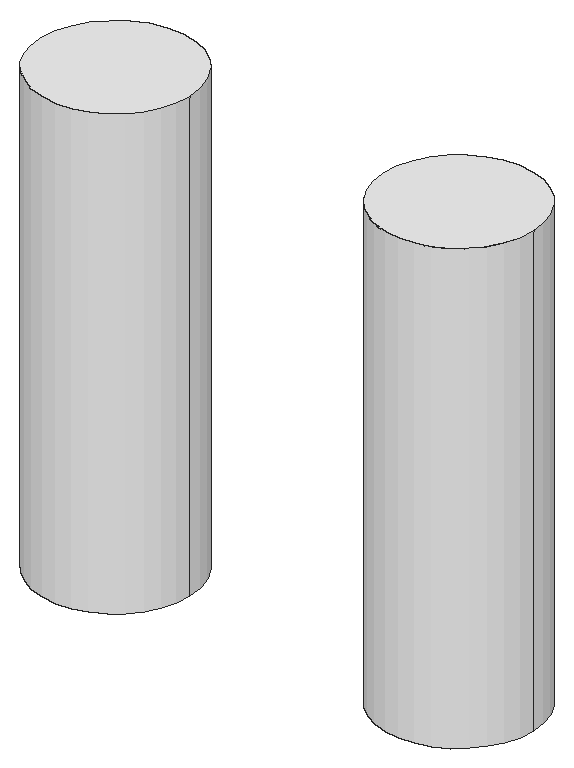
Revit family "46142209(2023)", category Plumbing Fixtures, Revit 2020
Family settings
  Round Connector Dimension = Use Diameter
  Part Type = Normal
  OmniClass Number = 23.45.55.00
  OmniClass Title = Sanitary Faucets, Wastes
  Work Plane-Based = No
  Always vertical = Yes
  Cut with Voids When Loaded = No
  Shared = No
  Room Calculation Point = No
Parameters (values of type "46142209 Kitchen faucet, 3 V, Bluetooth")
  Working Pressure = "50 - 1000 kPa"
  WarrantyStartDate [instance] = "n/a"
  WarrantyGuarantorParts = "n/a"
  WarrantyGuarantorLabor = "n/a"
  WarrantyDurationUnit = "Year"
  WarrantyDurationParts = "n/a"
  WarrantyDurationLabor = "n/a"
  WarrantyDescription = "http://warranty.hansa.com"
  Warranty Information URL = "http://warranty.hansa.com"
  VersionDate = "01/06/2023"
  Version = "1"
  ValvePattern = "n/a"
  ValveOperation = "n/a"
  ValveMechanism = "n/a"
  Uniclass2015Reference = "Pr_40_20_87_96"
  Uniclass2015Description = "Washbasin manual water supply sets"
  Uniclass2 = "Pr_40_30_96_96"
  URL WEEE = "http://static.hansa.com/WEEE/46142209"
  URL UWL = "http://static.hansa.com/UWL/46142209"
  URL REACH = "http://static.hansa.com/doc/reach"
  URL EcoLabel Declaration = "http://static.hansa.com/doc/EcoLabel"
  URL EU Packaging Declaration = "http://static.hansa.com/doc/packaging"
  URL Declaration of SCIP = "http://static.hansa.com/doc/SCIP"
  URL Declaration of Conformity = "http://static.hansa.com/DoC/46142209"
  URL Declaration of Asbestos = "http://static.hansa.com/doc/asbestos"
  URL Declaration Of Performance (DOP) = "http://static.hansa.com/doc/DoP"
  URL = ""
  UNSPSC Class Number = "30181700 Faucets or taps"
  TestPressure = "n/a"
  Temperature Adjustments = "Limitation option for maximum temperature and flow-rate "
  Technical DataSheet URL = "http://www.hansa.com/datasheet/46142209/en"
  TagNumber [instance] = "n/a"
  SustainabilityPerformance = "n/a"
  Surface treatment = "Chrome"
  Spout Type = "Swivel spout;Swivel range limiting option;Profile construction"
  Spout Swivel Range = "120° (80°/40°)"
  Spout Projection = "178 mm"
  Size = "55x260x340 mm"
  Shape = "Sculptured"
  SerialNumber [instance] = "n/a"
  Revision = "n/a"
  ReplacementCost = "n/a"
  Protection Class = "IP 55"
  ProductInformation = "n/a"
  Product URL = "http://static.hansa.com/46142209"
  Product Image URL = "http://static.hansa.com/image/46142209"
  Product Family = "HANSACARE "
  Product Code = "46142209"
  Pressure Loss With Flow 02ls = 195000.0 Pa
  OperatingMechanismMaterial = "n/a"
  Operating Voltage = 39 V
  NominalWidth = 53.956 mm
  NominalHeight = 338.336 mm
  NominalDepth = 261.5 mm
  Noise Class = "I (ISO 3822) "
  Name_en = "46142209 Kitchen faucet, 3 V, Bluetooth"
  Name = "46142209 Kitchen faucet, 3 V, Bluetooth"
  NBSReference = "45-35-70/371"
  NBSDescription = "Water supply fittings for wash basins and troughs"
  Mounting Holes = "1 hole"
  ModelReference = "46142209"
  ModelNumber = "n/a"
  Model = "46142209 Kitchen faucet, 3 V, Bluetooth"
  Mobile Product Information URL = "http://mpi.hansa.com/46142209"
  Mechanical Parts = "ø 40 mm ceramic cartridge for flow and temperature control"
  Max. Hot Water Supply = 70 °C
  Max Flow Period = "10 s(1 - 1800 s)"
  Material = "Brass"
  Market = "International;Germany;Austria;Switzerland;Belgium;Netherlands;Italy"
  ManufacturerURL = "http://www.hansa.com"
  ManufacturerName = "HANSA"
  Manufacturer = "HANSA"
  Long Marketing = "Care Hybrid series is giving you a whole new modern design to fit into any kitchen. Lever can easily be moved by using the backside of the hand and with our intelligent touchless functions build into same faucet it also supports hygiene operation without any touch needed."
  Lever Handle = "Single operating lever/handle;Hot/Cold symbols"
  Interactive AR View URL = "https://static.hansa.com/AR/46142209"
  InstallationDate [instance] = "n/a"
  Installation and Maintenance Guide URL = "http://static.hansa.com/manual/46142209"
  Installation Type = "Deck mounted"
  InletConnectionSize = 10 mm
  IfcExportType = "FAUCET"  # constant formula
  IfcExportAs = "IfcValveType"  # constant formula
  Group = "Kitchen faucet"
  Grade = "n/a"
  FlowCoefficient = 0
  Flow Rate At 300kPa = 0.02 L/s
  Flow Drawing URL = "http://static.hansa.com/flowchart/46142209"
  Finish = "Polished"
  Features = "Hybrid;Bluetooth®"
  FaucetMainMaterial = Brass
  FDV Document URL = "http://www.hansa.com/datasheet/46142209/en/fdv"
  ExpectedLife = "n/a"
  Electronic Parts = ";Solenoid valve;Low battery indicator"
  ETIM Class Number = "EC011431 Kitchen mixing tap"
  EN Standard = "EN 817, EN 15091"
  EMC Directive = "2014/53/EU , 2011/65/EU"
  EAN Number = "4057304019678"
  DurationUnit = "Year"
  Dimension Drawing URL = "http://static.hansa.com/dimdrw/46142209"
  Description = ""
  DefaultElevation [instance] = 900 mm
  Default Elevation = 0 mm
  Constituents = "n/a"
  Connection Size = "G3/8"
  Connection = "Flexible inlet pipes"
  Color = "Chrome"
  CodePerformance = "n/a"
  CloseOffRating = 0
  Catalog Drawing URL = "http://static.hansa.com/catdrw/46142209"
  Brand = "HANSA"
  BodyMaterial = "Brass"
  Bluetooth = "5.x (D060576)"
  Battery = "LS17500 A Li-SOCl2 Lithium 3.6V"
  Barcode [instance] = "n/a"
  Backflow Prevention EN1717 = "AA"
  BIMObjectName = "46142209(2023)"
  Automatic Flush Period = "30 s (1-1800 s)"
  Automatic Flush Frequency = "off (off/1-120 h)"
  Author = "BIMStone"
  AssetType = "Fixed"
  AssetIdentifier [instance] = "n/a"
  Aerator = "Laminar stream"
  Advanced Features = "Inner body made of DZR brass;3S-installation system for safe and simple mounting"
  AccessibilityPerformance = "n/a"
  3D View = "https://static.hansa.com/AR/46142209"
  2D/3D/BIM Files URL = "http://static.hansa.com/bim/46142209"
Reference planes
  plane 1 "Center (Front/Back)": y = 0
  plane 2: z = 0
  plane 3 "Center (Left/Right)": x = 0
  plane 4: x = -26.978
  plane 5: z = 1238.336
  plane 6: z = 900
  plane 7: z = 870
  plane 8: y = -261.5
  plane 9: x = 26.978
Forms (mm)
  Extrusion 1, solid, material "Brass" <- "FaucetMainMaterial"
    sketch origin (0, -49.095, 0) x (1, 0, 0) y (0, 1, 0)
      loop
        circle (-11.5, -22.5) r 5
      loop
        circle (11.5, -22.5) r 5
    from 870 to 900
Dimensions and locks
  "NominalHeight": plane 5 to plane 6
  "DefaultElevation": plane 6 to level
  locked: plane 6 to plane 7 at 30
  "NominalDepth": plane 8 to plane 1 "Center (Front/Back)"
  equal spacing: plane 4, plane 3 "Center (Left/Right)", plane 9
  "NominalWidth": plane 4 to plane 9
  "InletConnectionSize": diameter of Extrusion 1 sketch curve  (x2)
  aligned and locked: level to plane 2
  aligned and locked: plane 6 to Extrusion 1
  aligned and locked: Extrusion 1 to plane 7
  aligned and locked: nested 2 to plane 6
Automatic sketch dimensions
  Extrusion 1 sketch curve to plane 3 "Center (Left/Right)" = 11.5 mm
  plane 3 "Center (Left/Right)" to Extrusion 1 sketch curve = 11.5 mm
  plane 1 "Center (Front/Back)" to Extrusion 1 sketch curve = 71.595 mm
  Extrusion 1 sketch curve to Extrusion 1 sketch curve = 0 mm
Nested families
  nested 1: "Symbol" at (0, 0, 0), type "Symbol", detail levels coarse
  nested 2: "46142209(2023)_Body" at (0, 0, 900), Main <- "FaucetMainMaterial", type "46142209(2023)_Body"
    with Main Brass
Connectors
  piping at (-11.5, -71.595, 870), diameter 10, driven by "InletConnectionSize"
    settings: on Extrusion 1, index 1, connector inside diameter 609.6 mm, connector length 0 mm, flow factor 0, pipe flow 0.2 L/s, pressure drop 0.0 Pa, fitting loss kfactor 0, connector angle 0.00°, fixture units 0, engagement length 0 mm, angle of deflection 0.00°, flow configuration 1, flow direction 1, fitting loss method 0, system type 19, joint type 0, gender type 0, connector reference index -1, connector utility 0, adjustable connector no, is connector primary yes, connector description ""
  piping at (11.5, -71.595, 870), diameter 10, driven by "InletConnectionSize"
    settings: on Extrusion 1, index 2, connector inside diameter 609.6 mm, connector length 0 mm, flow factor 0, pipe flow 0.2 L/s, pressure drop 0.0 Pa, fitting loss kfactor 0, connector angle 0.00°, fixture units 0, engagement length 0 mm, angle of deflection 0.00°, flow configuration 1, flow direction 1, fitting loss method 0, system type 20, joint type 0, gender type 0, connector reference index -1, connector utility 0, adjustable connector no, is connector primary no, connector description ""
Definition of nested family "Symbol"
  Reference planes
    plane 1: y = 0
    plane 2: x = 0
  Lines and regions (mm)
    detail lines
      curve 1: line (0, 0, 0) -> (0, -1.8, 0)
      curve 2: line (-0.4, -1.1, 0) -> (0.4, -1.1, 0)
      curve 3: line (-0.4, -1.4, 0) -> (0.4, -1.4, 0)
      curve 4: line (0.863, 0, 0) -> (-0.863, 0, 0)
      curve 5: circle (-1.163, 0, 0) r 0.3 normal (0, 0, -1)
      curve 6: circle (1.163, 0, 0) r 0.3 normal (0, 0, 1)
Definition of nested family "46142209(2023)_Body"
  Parameters (values of type "5738FZ(2023)_Body")
    Main [instance] = none
    Default Elevation = 0 mm
  Reference planes
    plane 1 "Center (Front/Back)": y = 0
    plane 2: z = 0
    plane 3 "Center (Left/Right)": x = 0
    plane 4: z = 338.336
    plane 5: y = -261.5
    plane 6: x = -27
    plane 7: x = 27
  Forms (mm)
    Revolve 1, solid, material <- "Main", detail levels medium
      sketch origin (0, -45, 0) x (0, 1, 0) y (0, 0, 1)
        loop
          line (-26.857, 0) -> (-26.857, 165.574) -> (-53.714, 165.574) -> (-53.714, 0) -> (-26.857, 0)
        axis (-26.857, 165.574) -> (-26.857, 0)
      angle from 0 to 360
    Extrusion 2, solid, material <- "Main", detail levels medium
      sketch origin (0, -45, 0) x (0, 1, 0) y (0, 0, 1)
        loop
          line (-37.343, 149.489) -> (-36.299, 157.986) -> (-99.127, 163.189)
          arc (-99.127, 163.189) -> (-118.796, 167.846) -> (-136.213, 178.105) r 67.675
          line (-136.213, 178.105) -> (-139.01, 175.308)
          arc (-139.01, 175.308) -> (-125.275, 165.132) -> (-109.266, 159.135) r 61.419
          arc (-109.266, 159.135) -> (-101.039, 157.514) -> (-92.743, 156.291) r 173.617
          line (-92.743, 156.291) -> (-37.343, 149.489)
      from -50 to 50
    Extrusion 3, void
      sketch origin (0, -45, 0) x (0, 1, 0) y (0, 0, 1)
        loop
          arc (-36.299, 157.986) -> (-14.157, 153.136) -> (5.931, 142.635) r 85.455
          line (5.931, 142.635) -> (5.931, 172.635) -> (-59.069, 172.635) -> (-59.069, 159.872) -> (-36.299, 157.986)
      from -50 to 50
    Extrusion 4, void
      sketch origin (0, -45, 0) x (1, 0, 0) y (0, 1, 0)
        loop
          line (-19.159, -30) -> (-15.773, -126.955)
          arc (-15.773, -126.955) -> (-15.609, -128.313) -> (-15.215, -129.622) r 8
          arc (-15.215, -129.622) -> (-13.166, -132.589) -> (-10.023, -134.354) r 8
          arc (-10.023, -134.354) -> (0, -135.789) -> (10.023, -134.354) r 35.715
          arc (10.023, -134.354) -> (13.166, -132.589) -> (15.215, -129.622) r 8
          arc (15.215, -129.622) -> (15.609, -128.313) -> (15.773, -126.955) r 8
          line (15.773, -126.955) -> (19.159, -30) -> (-19.159, -30)
        loop
          line (-67.048, -22.41) -> (-67.048, -147.41) -> (62.952, -147.41) -> (62.952, -22.41) -> (-67.048, -22.41)
      from 127.233 to 225.432
    Revolve 5, solid, material <- "Main", detail levels medium
      sketch origin (0, 0, 0) x (0, 1, 0) y (0, 0, 1)
        loop
          line (-261.812, 206.576) -> (-249.858, 205.53) -> (-248.174, 224.767) -> (-258.158, 225.641) -> (-260.296, 223.905) -> (-261.812, 206.576)
        axis (-248.174, 224.767) -> (-249.858, 205.53)
      angle from 0 to 360
    Extrusion 6, solid, material <- "Main", detail levels medium
      sketch origin (0, 0, 0) x (1, 0, 0) y (0, 1, 0)
        loop
          line (-16.81, -55) -> (16.81, -55) -> (13.045, -11.962)
          arc (13.045, -11.962) -> (0, -0.009) -> (-13.045, -11.962) r 13.095
          line (-13.045, -11.962) -> (-16.81, -55)
      from 56.5 to 94.85
    Sweep 7, solid, material <- "Main", detail levels medium
      path origin (0, 0, 0) x (0, 1, 0) y (0, 0, 1)
        loop
          line (-13.099, 83.041) -> (-13.099, 210.188)
          arc (-13.099, 210.188) -> (-123.961, 327.969) -> (-248.231, 224.433) r 117.998
      profile origin (0, -13.099, 146.615) x (0, -1, 0) y (1, 0, 0)
        loop
          circle (0, 0) r 10
    Extrusion 8, solid, material <- "Main", detail levels coarse
      sketch origin (0, 0, 0) x (1, 0, 0) y (0, 0, 1)
        loop
          line (-27, 338.336) -> (-27, 0) -> (27, 0) -> (27, 338.336) -> (-27, 338.336)
      from 0 to 261.5
    Extrusion 9, solid, detail levels medium
      sketch origin (0, 0, 0) x (1, 0, 0) y (0, 0, 1)
        loop
          line (-7.347, 30.433) -> (-7.347, 17.833)
          arc (-7.347, 17.833) -> (-5.476, 13.307) -> (-0.956, 11.422) r 6.411
          line (-0.956, 11.422) -> (0, 11.422) -> (0.956, 11.422)
          arc (0.956, 11.422) -> (5.476, 13.307) -> (7.347, 17.833) r 6.411
          line (7.347, 17.833) -> (7.347, 30.433)
          arc (7.347, 30.433) -> (5.477, 34.966) -> (0.956, 36.864) r 6.432
          line (0.956, 36.864) -> (0, 36.864) -> (-0.956, 36.864)
          arc (-0.956, 36.864) -> (-5.477, 34.966) -> (-7.347, 30.433) r 6.432
      from 95.424 to 98.928
  Cuts and joins
    Extrusion 3 cuts Revolve 1
    Extrusion 4 cuts Extrusion 2
    joined: Revolve 1, Extrusion 2, Revolve 5, Extrusion 6
  Lines and regions (mm)
    symbolic lines, detail levels medium+fine
      curve 1: line (0, -98.189, 0) -> (0, -45, 0)
      curve 3: line (0, -46.717, 114.55) -> (0, -47.687, 114.55)
      curve 6: line (0, -45, 0) -> (0, -45, 45)
      curve 7: line (0, -98.189, 0) -> (0, -98.189, 96.98)
      curve 8: line (0, -98.189, 96.98) -> (0, -96.87, 114.55)
      curve 12: line (0, -97.014, 118.259) -> (0, -94.923, 145.26)
      curve 13: arc (0, -47.687, 114.55) -> (0, -50.162, 119.13) -> (0, -53.229, 123.336) r 38.667
      curve 14: line (0, -94.208, 118.259) -> (0, -96.436, 114.55)
      curve 15: arc (0, -46.847, 123.336) -> (0, -47.554, 136.328) -> (0, -49.884, 149.13) r 103.713
      curve 16: arc (0, -49.884, 149.13) -> (0, -65.165, 155.072) -> (0, -81.299, 157.986) r 85.455
      curve 17: line (0, -100.174, 151.678) -> (0, -137.743, 156.291)
      curve 18: arc (0, -137.743, 156.291) -> (0, -146.039, 157.514) -> (0, -154.266, 159.135) r 173.617
      curve 19: arc (0, -154.266, 159.135) -> (0, -167.831, 163.873) -> (0, -179.923, 171.632) r 61.419
      curve 20: arc (0, -94.923, 145.26) -> (0, -96.261, 149.522) -> (0, -100.174, 151.678) r 6
      curve 21: line (0, -81.299, 157.986) -> (0, -144.127, 163.189)
      curve 22: arc (0, -144.127, 163.189) -> (0, -162.161, 167.213) -> (0, -178.434, 175.965) r 67.675
      curve 23: line (0, -179.537, 175.879) -> (0, -180.103, 175.313)
      curve 24: arc (0, -179.923, 171.632) -> (0, -180.829, 173.433) -> (0, -180.103, 175.313) r 2.488
      curve 25: arc (0, -178.434, 175.965) -> (0, -179.001, 176.126) -> (0, -179.537, 175.879) r 0.851
      curve 26: line (0, -96.436, 114.55) -> (0, -96.87, 114.55)
      curve 28: line (0, -53.229, 123.336) -> (0, -46.847, 123.336)
      curve 29: line (0, -94.208, 118.259) -> (0, -97.014, 118.259)
      curve 30: line (27, 0, 0) -> (-27, 0, 0)
      curve 31: line (-26.507, 0, 88.729) -> (-24.988, 0, 114.55)
      curve 34: line (-26.507, 0, 42.35) -> (-26.507, 0, 88.729)
      curve 35: line (-26.507, 0, 42.35) -> (-27, 0, 0)
      curve 36: line (-24.493, 0, 114.55) -> (-22.278, 0, 118.237)
      curve 37: line (-24.7, 0, 118.237) -> (-22.278, 0, 118.237)
      curve 38: arc (-24.7, 0, 118.237) -> (-22.347, 0, 139.637) -> (-17.345, 0, 160.577) r 172.327
      curve 39: arc (-17.345, 0, 160.577) -> (-16.408, 0, 164.31) -> (-15.856, 0, 168.119) r 37.723
      curve 41: line (-24.493, 0, 114.55) -> (-24.988, 0, 114.55)
      curve 42: line (26.507, 0, 88.729) -> (24.988, 0, 114.55)
      curve 44: line (26.507, 0, 42.35) -> (26.507, 0, 88.729)
      curve 45: line (26.507, 0, 42.35) -> (27, 0, 0)
      curve 46: line (24.493, 0, 114.55) -> (22.278, 0, 118.237)
      curve 47: line (24.7, 0, 118.237) -> (22.278, 0, 118.237)
      curve 48: arc (24.7, 0, 118.237) -> (22.347, 0, 139.637) -> (17.345, 0, 160.577) r 172.327
      curve 49: arc (17.345, 0, 160.577) -> (16.408, 0, 164.31) -> (15.856, 0, 168.119) r 37.723
      curve 51: line (24.493, 0, 114.55) -> (24.988, 0, 114.55)
      curve 52: line (-16.368, -49.948, 0) -> (-13.045, -11.962, 0)
      curve 53: arc (18.48, -91.105, 0) -> (26.965, -70.037, 0) -> (16.368, -49.948, 0) r 27
      curve 54: line (16.368, -49.948, 0) -> (13.045, -11.962, 0)
      curve 55: arc (-13.045, -11.962, 0) -> (0, -0.009, 0) -> (13.045, -11.962, 0) r 13.095
      curve 58: arc (-15.62, -170.904, 0) -> (-14.001, -175.864, 0) -> (-9.999, -179.21, 0) r 9.453
      curve 62: arc (-9.999, -241.826, 0) -> (0, -261.5, 0) -> (9.999, -241.826, 0) r 12.378
      curve 65: line (-9.999, -179.21, 0) -> (-9.999, -241.826, 0)
      curve 68: line (-18.48, -91.105, 0) -> (-15.62, -170.904, 0)
      curve 71: arc (15.62, -170.904, 0) -> (14.001, -175.864, 0) -> (9.999, -179.21, 0) r 9.453
      curve 72: line (18.48, -91.105, 0) -> (15.62, -170.904, 0)
      curve 73: line (9.999, -179.21, 0) -> (9.999, -241.826, 0)
      curve 74: line (0, 0, 94.5) -> (0, -3.099, 94.5)
      curve 75: line (0, -32.208, 56.5) -> (0, -6.105, 56.5)
      curve 76: line (0, -261.812, 206.576) -> (0, -237.903, 204.484)
      curve 79: arc (0, -45, 45) -> (0, -40.809, 53.202) -> (0, -32.208, 56.5) r 12.865
      curve 80: arc (0, -41.504, 94.5) -> (0, -44.373, 95.674) -> (0, -45.596, 98.522) r 4.092
      curve 81: line (0, -45.596, 98.522) -> (0, -46.717, 114.55)
      curve 82: line (0, 0, 62.605) -> (0, 0, 94.5)
      curve 83: arc (0, -6.105, 56.5) -> (0, -1.788, 58.288) -> (0, 0, 62.605) r 6.105
      curve 84: line (0, -3.099, 94.5) -> (0, -3.099, 210.188)
      curve 85: line (0, -23.099, 94.5) -> (0, -23.099, 210.188)
      curve 86: arc (0, -23.099, 210.188) -> (0, -124.228, 317.967) -> (0, -238.221, 223.896) r 107.998
      curve 87: arc (0, -3.099, 210.188) -> (0, -123.356, 337.951) -> (0, -258.158, 225.641) r 127.998
      curve 88: line (0, -238.221, 223.896) -> (0, -236.387, 221.813)
      curve 89: line (0, -258.158, 225.641) -> (0, -260.296, 223.905)
      curve 90: line (0, -236.387, 221.813) -> (0, -237.903, 204.484)
      curve 91: line (0, -260.296, 223.905) -> (0, -261.812, 206.576)
      curve 93: line (0, -23.099, 94.5) -> (0, -41.504, 94.5)
      curve 94: line (-10.001, 0, 328.355) -> (-10.001, 0, 224.945)
      curve 96: arc (-15.856, 0, 168.119) -> (-14.018, 0, 172.52) -> (-10.001, 0, 175.093) r 8
      curve 98: arc (15.856, 0, 168.119) -> (14.018, 0, 172.52) -> (10.001, 0, 175.093) r 8
      curve 100: line (10.001, 0, 328.355) -> (10.001, 0, 224.945)
      curve 101: arc (10.001, 0, 328.355) -> (0, 0, 338.355) -> (-10.001, 0, 328.355) r 10.001
      curve 102: line (-12.002, 0, 209.268) -> (-12.002, 0, 222.937)
      curve 103: line (12.002, 0, 209.268) -> (12.002, 0, 222.937)
      curve 104: line (-12.002, 0, 222.937) -> (-11.412, 0, 222.937)
      curve 105: arc (-11.412, 0, 222.937) -> (-10.885, 0, 224.067) -> (-10.001, 0, 224.945) r 3.563
      curve 106: arc (11.412, 0, 222.937) -> (10.885, 0, 224.067) -> (10.001, 0, 224.945) r 3.563
      curve 107: line (-12.002, 0, 209.268) -> (-10.001, 0, 209.268)
      curve 109: line (10.001, 0, 209.268) -> (10.001, 0, 175.093)
      curve 110: line (10.001, 0, 209.268) -> (12.002, 0, 209.268)
      curve 111: line (-10.001, 0, 209.268) -> (-10.001, 0, 175.093)
      curve 114: line (11.412, 0, 222.937) -> (12.002, 0, 222.937)
      curve 119: arc (-16.368, -49.948, 0) -> (-26.965, -70.037, 0) -> (-18.48, -91.105, 0) r 27
    symbolic lines, detail levels fine
      curve 2: line (0, -45, 41.455) -> (0, -98.189, 41.455)
      curve 4: line (0, -59.099, 123.336) -> (0, -53.229, 123.336)
      curve 5: line (0, -71.127, 119.664) -> (0, -67.016, 121.58)
      curve 9: arc (0, -67.016, 121.58) -> (0, -63.154, 122.892) -> (0, -59.099, 123.336) r 18.735
      curve 10: line (0, -77.466, 118.259) -> (0, -94.208, 118.259)
      curve 11: arc (0, -71.127, 119.664) -> (0, -74.219, 118.614) -> (0, -77.466, 118.259) r 15
      curve 27: line (0, -47.687, 114.55) -> (0, -96.436, 114.55)
      curve 32: line (15.215, 0, 114.55) -> (-24.493, 0, 114.55)
      curve 33: line (-26.519, 0, 41.3) -> (26.519, 0, 41.3)
      curve 40: line (-22.278, 0, 118.237) -> (15.215, 0, 118.237)
      curve 43: line (15.215, 0, 114.55) -> (24.493, 0, 114.55)
      curve 50: line (22.278, 0, 118.237) -> (15.215, 0, 118.237)
      curve 56: line (-19.424, -64.784, 0) -> (-18.48, -91.105, 0)
      curve 57: line (-9.999, -13.134, 0) -> (-9.999, -179.21, 0)
      curve 59: arc (-9.999, -50.796, 0) -> (-16.986, -56.258, 0) -> (-19.424, -64.784, 0) r 14.339
      curve 60: line (9.999, -13.134, 0) -> (9.999, -179.21, 0)
      curve 61: arc (-9.999, -248.175, 0) -> (0, -258.174, 0) -> (9.999, -248.175, 0) r 9.999
      curve 63: line (-9.999, -241.826, 0) -> (-9.999, -248.175, 0)
      curve 64: line (9.999, -241.826, 0) -> (9.999, -248.175, 0)
      curve 66: arc (-9.999, -46.34, 0) -> (-13.306, -47.927, 0) -> (-16.368, -49.948, 0) r 27
      curve 67: arc (9.999, -13.134, 0) -> (0, -3.135, 0) -> (-9.999, -13.134, 0) r 9.999
      curve 69: line (19.424, -64.784, 0) -> (18.48, -91.105, 0)
      curve 70: arc (9.999, -50.796, 0) -> (16.986, -56.258, 0) -> (19.424, -64.784, 0) r 14.339
      curve 77: line (0, -236.387, 221.813) -> (0, -260.296, 223.905)
      curve 78: line (0, -258.158, 225.641) -> (0, -238.221, 223.896)
      curve 92: line (0, -3.099, 94.5) -> (0, -23.099, 94.5)
      curve 95: arc (-9.506, 0, 175.212) -> (0, 0, 176.182) -> (9.506, 0, 175.212) r 47.064
      curve 97: arc (-10.001, 0, 175.093) -> (-9.754, 0, 175.156) -> (-9.506, 0, 175.212) r 8
      curve 99: arc (10.001, 0, 175.093) -> (9.754, 0, 175.156) -> (9.506, 0, 175.212) r 8
      curve 108: spline (-10.001, 0, 224.922) -> (-9.268, 0, 225.13) -> (-8.062, 0, 225.318) -> (-6.443, 0, 225.475) -> (-4.494, 0, 225.594) -> (-2.315, 0, 225.668) -> (-0.018, 0, 225.693) -> (2.281, 0, 225.669) -> (4.463, 0, 225.596) -> (6.417, 0, 225.478) -> (8.043, 0, 225.322) -> (9.259, 0, 225.134) -> (10.001, 0, 224.926)
      curve 112: line (-10.001, 0, 209.268) -> (10.001, 0, 209.268)
      curve 113: line (-11.412, 0, 222.937) -> (11.412, 0, 222.937)
      curve 115: line (-17.332, 0, 151.957) -> (0, 0, 151.957)
      curve 116: arc (-19.311, 0, 153.637) -> (-18.63, 0, 152.433) -> (-17.332, 0, 151.957) r 2.006
      curve 117: line (17.332, 0, 151.957) -> (0, 0, 151.957)
      curve 118: arc (19.311, 0, 153.637) -> (18.63, 0, 152.433) -> (17.332, 0, 151.957) r 2.006
      curve 120: arc (16.368, -49.948, 0) -> (13.306, -47.927, 0) -> (9.999, -46.34, 0) r 27
      curve 121: line (-7.347, 0, 17.833) -> (-7.347, 0, 30.433)
      curve 122: line (7.347, 0, 30.433) -> (7.347, 0, 17.833)
      curve 123: line (-0.956, 0, 36.864) -> (0, 0, 36.864)
      curve 124: line (-0.956, 0, 11.422) -> (0, 0, 11.422)
      curve 125: line (0.956, 0, 36.864) -> (0, 0, 36.864)
      curve 126: line (0.956, 0, 11.422) -> (0, 0, 11.422)
      curve 127: arc (-7.347, 0, 30.433) -> (-5.477, 0, 34.966) -> (-0.956, 0, 36.864) r 6.432
      curve 128: arc (0.956, 0, 36.864) -> (5.477, 0, 34.966) -> (7.347, 0, 30.433) r 6.432
      curve 129: arc (-0.956, 0, 11.422) -> (-5.476, 0, 13.307) -> (-7.347, 0, 17.833) r 6.411
      curve 130: arc (7.347, 0, 17.833) -> (5.476, 0, 13.307) -> (0.956, 0, 11.422) r 6.411
  Dimensions and locks
    aligned and locked: level to plane 2
